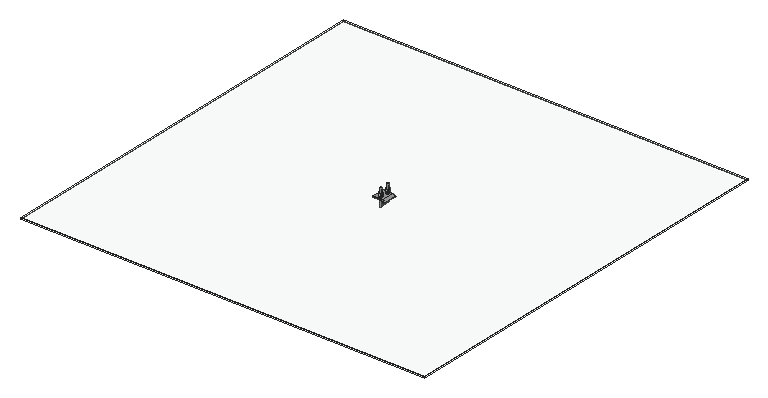
Revit family "HVAC_HangingSystems_Walraven_BIS_Strut_Rail_Beam_Clamp", category Mechanical Equipment, host Face, Revit 2016
Family settings
  Host = Face
  Part Type = Normal
  Round Connector Dimension = Use Diameter
  OmniClass Number = 23.60.30.11.17
  OmniClass Title = Pipework/Ductwork Mechanical Fasteners/Supports
  Cut with Voids When Loaded = No
  Shared = No
  Room Calculation Point = No
Parameters (values of type "Strut 41x21+41x41+41x21D")
  type_index = 1
  screwlength [instance] = size_lookup(lookup_table_name, "screwlength", 0 mm, type_index)  # 60 mm
  s [instance] = size_lookup(lookup_table_name, "s", 0 mm, type_index)  # 5.5 mm
  gm_type7 = Strut Rail : 41x21
  gm_type6 = Strut Rail : 41x21
  gm_type5 = Strut Rail : 41x21
  gm_type4 = Strut Rail : 41x21
  gm_type3 = Strut Rail : 41x21
  gm_type2 = Strut Rail : 41x21
  gm_type1 = Strut Rail : 41x21
  clamp_height_check [instance] = if(Rail type = gm_type1, 21 mm + H1, if(Rail type = gm_type2, 41 mm + H1, if(Rail type = gm_type3, 42 mm + H1, if(Rail type = gm_type4, 62 mm + H1, if(Rail type = gm_type5, 82 mm + H1, if(Rail type = gm_type6, 82 mm + H1, if(Rail type = gm_type7, 51 mm + H1, H - 10 mm)))))))  # 38 mm
  Youtube clip = ""
  Weight Net (Kg) = "0"
  Uniformat II Description = ""
  Uniformat II Code = ""
  Uniclass 2015 Name = ""
  Uniclass 2015 Code = ""
  Uniclass 2.0 Description = ""
  Uniclass 2.0 Code = ""
  Uniclass 1.4 Description = ""
  Uniclass 1.4 Code = ""
  UNSPSC Code = ""
  Technical description = "https://library.walraven.com/repository/rnd/documents/EN-UK/BIS%20Strut%20Rail%20Beam%20Clamp%20-%20H%2036%2005%20(EN-UK).pdf"
  Region South America = "None"
  Region Oceania = "AU"
  Region North America = "US"
  Region Middle East = "AE, OM, QA, SA"
  Region Europe = "BE, CZ, DE, DK, ES, FR, GB, HR, HU, LT, LV, NL, PL, RO, RU, SE, SK, UA"
  Region Asia = "CN, IN"
  Region Antarctica = "None"
  Region Africa = "ZA"
  Rail type [instance] = Strut Rail : 41x21
  QR code = "http://bimobject.com/walraven/product/bis-strut-rail-beam-clamp"
  Product url = "https://www.walraven.com/en/?pid=982"
  Product group = "Beam Fixings"
  Product family = "Rail Systems"
  Product data url = "https://bimobject.com/walraven/product/bis-strut-rail-beam-clamp"
  Product certification = ""
  Product SKU = "bis-strut-rail-beam-clamp"
  Product Guid = "c7702cfa-3de2-4be7-8ca3-7707251fd95f"
  OmniClass Description = "Mechanical Pipe Supports"
  OmniClass Code = "23-27 43 13"
  Nominal width = 80 mm
  Nominal height = 0 mm
  NBS Reference Description = ""
  NBS Reference Code = ""
  Material secondary = ""
  Material main = "Steel"
  Masterformat 2014 Description = ""
  Masterformat 2014 Code = ""
  Manufacturer name = "Walraven"
  Manufacturer country = "China"
  L [instance] = size_lookup(lookup_table_name, "L", 0 mm, type_index)  # 69 mm
  Installation instructions = ""
  IFC Classification = "Mechanical Fastener"
  H1 [instance] = 17 mm  # constant formula
  GTIN code = ""
  Edition number = 0
  Design country = "China"
  Date of publishing = ""
  COBIe Type Category = ""
  Brand url = "https://www.walraven.com"
  B_screw [instance] = 44 mm + M  # 54 mm
  RSen_S_max_allowed_load = 5700  # constant formula
  M [instance] = size_lookup(lookup_table_name, "M", 0 mm, type_index)  # 10 mm
  region_index = 1  # constant formula
  product_index [instance] = size_lookup(lookup_table_name, "pi", 0, type_index)  # 1
  desc_uk [instance] = size_lookup("BIS Strut Rail Beam Clamp name", "", "0", product_index, 1)  # "BIS Strut Rail Beam Clamp Strut 41x21+41x41+41x21D"
  desc_nl [instance] = size_lookup("BIS Strut Rail Beam Clamp name", "", "0", product_index, 2)  # "BIS Strut Rail Balkklem Strut 41x21+41x41+41x21D"
  URL = "https://www.walraven.com/en/?pid=982"
  RSen_C_level_of_development = "LOD400"  # constant formula
  lookup_table_name [instance] = "BIS Strut Rail Beam Clamp"  # constant formula
  RSen_S_net_weight [instance] = size_lookup(lookup_table_name, "weight", 0 mm, product_index) / 1000 mm * 1.00 kg  # 0.375 kg
  RSen_C_product_description [instance] = if(region_index = 1, desc_uk, if(region_index = 2, desc_nl, "0"))  # "BIS Strut Rail Beam Clamp Strut 41x21+41x41+41x21D"
  RSen_C_material_colour = "grey"  # constant formula
  RSen_C_material_finish = "hot dip galvanized"  # constant formula
  RSen_C_material = steel
  RSen_C_height [instance] = H  # 90 mm
  RSen_C_content_releasedate = "22-01-2019"  # constant formula
  RSen_C_content_modification_date = "04-02-2019"  # constant formula
  RSen_C_content_creator = "Itannex bv"  # constant formula
  RSen_C_code_gtin [instance] = ""
  RSen_C_code_manufacturer_product [instance] = size_lookup("BIS Strut Rail Beam Clamp name", "", "0", product_index, 0)  # "66581711"
  RSen_C_code_manufacturer_gln = ""
  RSen_C_code_ETIM_url = "https://prod.etim-international.com/Class/Details?classId=EC010150&classVersion=4"
  RSen_C_code_ETIM = "EC010150"  # constant formula
  SW [instance] = size_lookup(lookup_table_name, "SW", 0 mm, type_index)  # 17 mm
  RSen_C_intended_use = "hanging systems"  # constant formula
  RSen_C_certificates = "N/A"  # constant formula
  RSen_C_width [instance] = B  # 80 mm
  H [instance] = size_lookup(lookup_table_name, "H", 0 mm, type_index)  # 90 mm
  Type Comments = ""
  Model = "BIS Strut Rail Beam Clamp"  # constant formula
  Manufacturer = "Walraven"  # constant formula
  IfcExportType = "USERDEFINED"  # constant formula
  IfcExportAs = "IfcMechanicalFastenerType"  # constant formula
  IfcDescription = Description  # "rail beam clamp"
  Description = "rail beam clamp"  # constant formula
  Default Elevation = 1219.2 mm
  B_clamp [instance] = 44 mm  # constant formula
  BIMobject main category code = "hvac"
  BIMobject main category = "HVAC"
  BIMobject category code = "hvac-hanging-systems"
  BIMobject category = "Hanging Systems"
  B [instance] = size_lookup(lookup_table_name, "B", 0 mm, type_index)  # 80 mm
  Assembly Code = "50"
  A [instance] = size_lookup(lookup_table_name, "A", 0 mm, type_index)  # 17.5 mm
Types (2, lengths in mm): name | type_index | screwlength | s | gm_type7 | gm_type6 | gm_type5 | gm_type4 | gm_type3 | gm_type2 | clamp_height_check | Rail type | product_index | desc_uk | desc_nl | RSen_S_net_weight | RSen_C_product_description | RSen_C_height | RSen_C_code_manufacturer_product | H | A
  Strut 41x21+41x41+41x21D | 1 | 60 | 5.5 | Strut Rail : 41x21 | Strut Rail : 41x21 | Strut Rail : 41x21 | Strut Rail : 41x21 | Strut Rail : 41x21 | Strut Rail : 41x21 | 38 | Strut Rail : 41x21 | 1 | "BIS Strut Rail Beam Clamp Strut 41x21+41x41+41x21D" | "BIS Strut Rail Balkklem Strut 41x21+41x41+41x21D" | 0.375 kg | "BIS Strut Rail Beam Clamp Strut 41x21+41x41+41x21D" | 90 | "66581711" | 90 | 17.5
  Strut 41x62+41x82+41x41D+DS 5 (41x51) | 2 | 75 | 6 | Strut Rail : DS 5 (41x51) | Strut Rail : 41x41D | Strut Rail : 41x82 | Strut Rail : 41x62 | Strut Rail : 41x21D | Strut Rail : 41x41 | 79 | Strut Rail : 41x62 | 2 | "BIS Strut Rail Beam Clamp Strut 41x62+41x82+41x41D+DS 5 (41x51)" | "BIS Strut Rail Balkklem Strut 41x62+41x82+41x41D+DS 5 (41x51)" | 0.42 kg | "BIS Strut Rail Beam Clamp Strut 41x62+41x82+41x41D+DS 5 (41x51)" | 130 | "66581721" | 130 | 20
Reference planes
  plane 1 "Center (Front/Back)": y = 0
  plane 2: z = 0
  plane 3 "Center (Left/Right)": x = 0
  plane 4: z = -21
  plane 5: z = 69
  plane 6: z = 17
  plane 7: y = 40
  plane 8: y = -40
Forms (mm)
  Extrusion 1, solid, material "Glass"
    sketch origin (0, 0, 0) x (1, 0, 0) y (0, 1, 0)
      loop
        line (-1219.2, 1219.2) -> (-1219.2, -1219.2) -> (1219.2, -1219.2) -> (1219.2, 1219.2) -> (-1219.2, 1219.2)
    from 0 to -10
  Sweep 2, solid, material "steel" <- "RSen_C_material", detail levels medium+fine
    path origin (0, 0, 0) x (0, 1, 0) y (0, 0, 1)
      loop
        line (22, 69) -> (22, -21) -> (-22, -21) -> (-22, 69)
    profile origin (0, 22, 24) x (1, 0, 0) y (0, 1, 0)
      loop
        circle (0, 5) r 5
  Extrusion 3, solid, material "steel" <- "RSen_C_material", detail levels medium+fine
    sketch origin (0, 0, 0) x (1, 0, 0) y (0, 0, 1)
      loop
        line (-34.5, 17) -> (-34.5, 11.5) -> (19.257, 11.5) -> (30.757, 0) -> (34.646, 3.889) -> (21.536, 17) -> (-34.5, 17)
    from -40 to 40
Cuts and joins
  joined: Sweep 2, Extrusion 3
Lines and regions (mm)
  model lines, style "Equipment", detail levels coarse+medium
    curve 1: line (0, 27, 69) -> (0, 27, -21)
    curve 2: line (0, -27, 69) -> (0, -27, -21)
    curve 3: line (0, 27, -21) -> (0, -27, -21)
Dimensions and locks
  "H": plane 5 to plane 4
  equal spacing: Sweep 2 sketch curve, plane 1 "Center (Front/Back)", Sweep 2 sketch curve
  "B_clamp": Sweep 2 sketch curve to Sweep 2 sketch curve
  equal spacing: curve 1, plane 1 "Center (Front/Back)", curve 2
  "B_screw": curve 1 to curve 2
  equal spacing: nested 2, plane 1 "Center (Front/Back)", nested 1
  locked: profile plane to Sweep 2 sketch curve
  "B_screw": nested 2 to nested 1
  "H1": plane 6 to plane 2
  "clamp_height_check": plane 6 to plane 4
  "s": plane 6 to Extrusion 3 sketch curve
  "s": Extrusion 3 sketch curve to Extrusion 3 sketch curve
  equal spacing: plane 7, plane 1 "Center (Front/Back)", plane 8
  "B": plane 7 to plane 8
  "M": diameter of Sweep 2 sketch curve
  aligned and locked: plane 2 to Extrusion 1
  aligned and locked: level to Extrusion 1
  aligned and locked: plane 5 to Sweep 2 sketch curve  (x2)
  aligned and locked: Sweep 2 sketch curve to plane 4
  aligned and locked: curve 3 to plane 4
  aligned and locked: Extrusion 3 sketch curve to plane 6
  aligned and locked: plane 7 to Extrusion 3
  aligned and locked: Extrusion 3 to plane 8
  aligned and locked: plane 2 to Extrusion 3 sketch curve
Automatic sketch dimensions
  Extrusion 1 sketch curve to Extrusion 1 sketch curve = 2438.4 mm  (x2)
  curve 2 to plane 5 = 0 mm
  curve 1 to plane 5 = 0 mm
  Sweep 2 sketch curve to plane 3 "Center (Left/Right)" = 0 mm
  Extrusion 3 sketch curve to plane 3 "Center (Left/Right)" = 34.5 mm
  plane 3 "Center (Left/Right)" to Extrusion 3 sketch curve = 19.257 mm
  Extrusion 3 sketch curve to Extrusion 3 sketch curve = 2.278 mm
Nested families
  nested 1: "NLRS_50_ME_ST_moer_GEN" at (0, 27, 22), D <- "M", SW1 <- "SW", type "std"
    with s 20 mm, item_description "", catalog_code "", SW1 17 mm, IsCustom no, D 10 mm
  nested 2: "NLRS_50_ME_ST_moer_GEN" at (0, -27, 22), D <- "M", SW1 <- "SW", type "std"
    with s 20 mm, item_description "", catalog_code "", SW1 17 mm, IsCustom no, D 10 mm
Definition of nested family "NLRS_50_ME_ST_moer_GEN"
  Parameters (values of type "std")
    type_index = 1  # constant formula
    s [instance] = 20 mm  # constant formula
    item_description [instance] = ""
    catalog_code [instance] = ""
    SW1 [instance] = 13 mm
    RSen_C_material = none
    Model = "-"  # constant formula
    Manufacturer = "-"  # constant formula
    IsCustom [instance] = 0 = 1  # no
    IfcExportType = "USERDEFINED"  # constant formula
    IfcExportAs = "IfcMechanicalFastenerType"  # constant formula
    IfcDescription = Description  # "Hex nut"
    Description = "Hex nut"  # constant formula
    Default Elevation = 1219.2 mm
    D [instance] = 8 mm
  Reference planes
    plane 1 "Center (Front/Back)": y = 0
    plane 2: z = 0
    plane 3 "Center (Left/Right)": x = 0
    plane 4: through (-25.791, 44.671, 1200) normal (0.866, 0.5, 0)
    plane 5: through (25.791, 44.671, 1200) normal (0.866, -0.5, 0)
  Forms (mm)
    Extrusion 1, solid, material <- "RSen_C_material", detail levels medium+fine
      sketch origin (0, 0, 0) x (1, 0, 0) y (0, 1, 0)
        loop
          circle (0, 0) r 4
        loop
          line (7.506, 0) -> (3.753, 6.5) -> (-3.753, 6.5) -> (-7.506, 0) -> (-3.753, -6.5) -> (3.753, -6.5) -> (7.506, 0)
      from 0 to 20 <- "s"
  Lines and regions (mm)
    model lines, detail levels coarse
      curve 1: line (0, 0, 0) -> (0, 0, 20)
  Dimensions and locks
    locked: Extrusion 1 sketch curve to plane 3 "Center (Left/Right)"
    locked: Extrusion 1 sketch curve to plane 1 "Center (Front/Back)"
    equal spacing: Extrusion 1 sketch curve, plane 5, Extrusion 1 sketch curve
    equal spacing: Extrusion 1 sketch curve, plane 4, Extrusion 1 sketch curve
    equal spacing: Extrusion 1 sketch curve, plane 1 "Center (Front/Back)", Extrusion 1 sketch curve
    "SW1": Extrusion 1 sketch curve to Extrusion 1 sketch curve  (x3)
    "s": curve 1 to level
    "D": diameter of Extrusion 1 sketch curve
    aligned and locked: level to plane 2
    aligned and locked: Extrusion 1 to level
    aligned and locked: level to curve 1
    aligned and locked: plane 3 "Center (Left/Right)" to curve 1
